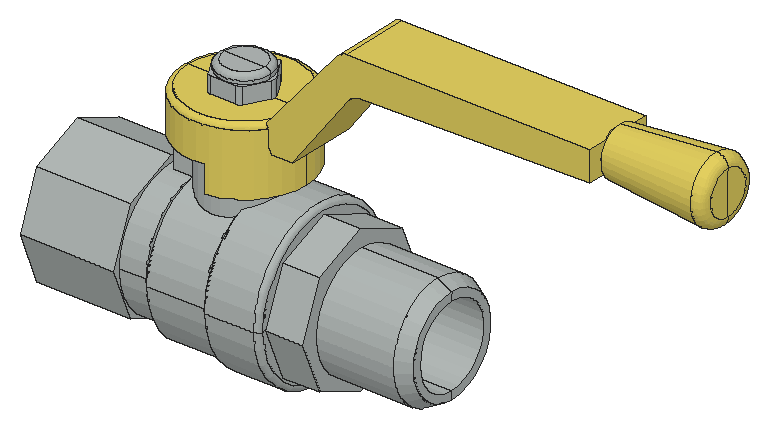
Revit family "QP00810000", category Apparecchi idraulici, Revit 2020
Family settings
  Quota connettore circolare = Usa diametro
  Tipo di parte = Normale
  Numero OmniClass = 23.45.00.00
  Titolo OmniClass = Sanitary, Laundry, and Cleaning Equipment
  Basato su piano di lavoro = No
  Sempre verticale = Sì
  Taglio con vuoti quando caricato = No
  Condiviso = No
  Punto di calcolo locali = No
Parameters
  URL = "https://web.cimberio.com/index.php/figura/165?subcategoria_id=95643"
  Temperatura di esercizio = "-20 ÷ 60°C"
  Prospetto di default = 0 mm
  Produttore = "CIMBERIO SPA"
  Pressione nominale = "MOP 5"
  Modello = "Cim 201/16G"
  Materiale = "Prodotto in lega di ottone conforme alla norma EN 12165-CW617N-DW"
  Descrizione = "Utilizzato nell’impiantistica distributiva di gas a bassa pressione per le categorie:\r\nGas naturali: gas derivati dal petrolio (Metano) e gas di ricambio.\r\nGas di città: prodotti secondo i diversi procedimenti (Cracking - Cokerie - ecc.).\r\nGas liquidi: propano e miscele di gas propano/butano"
  DN Model [instance] = QP00811015 : QP00811015
  DN [instance] = 15 mm
  Commenti sul tipo = "Realizzato in ottemperanza ai requisiti gestionali della norma EN ISO 9001.\r\nCollaudato al 100% secondo la normativa EN 12266-1"
Reference planes
  plane 1 "Centro (Fronte/Retro)": y = 0
  plane 2: z = 0
  plane 3 "Centro (Sinistra/Destra)": x = 0
Dimensions and locks
  aligned and locked: level to plane 2
Nested families
  nested 1: "QP00811015" at (0, 0, 0), type <- "DN Model", type "QP00811015"
  nested 2: "QP00811015" at (0, 0, 0), type <- "DN Model", type "QP00811015"
  nested 3: "QP00811015" at (0, 0, 0), type <- "DN Model", type "QP00811015"
  nested 4: "QP00811015" at (0, 0, 0), type <- "DN Model", type "QP00811015"
  nested 5: "QP00811015" at (0, 0, 0), type <- "DN Model", type "QP00811015"
  nested 6: "QP00811015" at (0, 0, 0), type <- "DN Model", type "QP00811015"
Connectors
  piping at (38.6, 0, 0), diameter 15, driven by "DN"
    settings: on nested 1, index 1, connector inside diameter 609.6 mm, connector length 0 mm, flow factor 0, pipe flow 0.0 L/s, pressure drop 0.0 Pa, fitting loss kfactor 0, connector angle 0.00°, fixture units 0, engagement length 0 mm, angle of deflection 0.00°, flow configuration 0, flow direction 0, fitting loss method 0, system type 7, joint type 0, gender type 0, connector reference index -1, connector utility 0, adjustable connector no, is connector primary yes, connector description ""
  piping at (-31, 0, 0), diameter 15, driven by "DN"
    settings: on nested 1, index 2, connector inside diameter 609.6 mm, connector length 0 mm, flow factor 0, pipe flow 0.0 L/s, pressure drop 0.0 Pa, fitting loss kfactor 0, connector angle 0.00°, fixture units 0, engagement length 0 mm, angle of deflection 0.00°, flow configuration 0, flow direction 0, fitting loss method 0, system type 7, joint type 0, gender type 0, connector reference index -1, connector utility 0, adjustable connector no, is connector primary no, connector description ""
Definition of nested family "QP00811015"
  Parameters (values of type "QP00811015")
    Default Elevation = 0 mm
  Reference planes
    plane 1 "Centro (Fronte/Retro)": y = 0
    plane 2: z = 0
    plane 3 "Centro (Sinistra/Destra)": x = 0
  Forms (mm)
    Revolve 1, solid
      sketch origin (0, 0, 0.033) x (0, 1, 0) y (-1, 0, 0)
        loop
          line (7.5, 13.5) -> (7.5, -14.6) -> (14, -14.6)
          arc (14, -14.6) -> (14.707, -14.307) -> (15, -13.6) r 1
          line (15, -13.6) -> (15, -4.6) -> (14.1, -3.7) -> (14.1, 6.9) -> (12.5, 8.5) -> (12.5, 13.5) -> (7.5, 13.5)
        axis (0, 13.5) -> (0, -14.6)
      angle from 0 to 360
    Revolve 2, solid
      sketch origin (8.603, 0, 0) x (1, 0, 0) y (0, 0, 1)
        loop
          line (27.426, 10.45) -> (12.981, 10.45) -> (12.981, 7.5) -> (29.997, 7.5) -> (29.997, 8.965) -> (27.426, 10.45)
        axis (29.997, 0) -> (12.981, 0)
      angle from 0 to 360
    Extrusion 3, solid
      sketch origin (-16, 0, 0) x (0, 0, 1) y (0, 1, 0)
        loop
          circle (0, 0) r 7.467
        loop
          line (13.5, 0) -> (9.546, 9.546) -> (0, 13.5) -> (-9.546, 9.546) -> (-13.5, 0) -> (-9.546, -9.546) -> (0, -13.5) -> (9.546, -9.546) -> (13.5, 0)
      from -2.5 to 15
    Extrusion 4, solid
      sketch origin (16, 0, 0) x (0, 0, 1) y (0, -1, 0)
        loop
          circle (0, 0) r 7.467
        loop
          line (13.5, 0) -> (9.546, 9.546) -> (0, 13.5) -> (-9.546, 9.546) -> (-13.5, 0) -> (-9.546, -9.546) -> (0, -13.5) -> (9.546, -9.546) -> (13.5, 0)
      from -1.4 to 5.584
    Revolve 5, solid
      sketch origin (0, 0, 0) x (1, 0, 0) y (0, 0, 1)
        loop
          line (0.073, 22.3) -> (-7, 22.3) -> (-7, 21) -> (-7.603, 20.397) -> (-7.603, 11.542) -> (0.073, 11.542) -> (0.073, 22.3)
        axis (0.073, 11.542) -> (0.073, 22.3)
      angle from 0 to 360
    Extrusion 6, solid
      sketch origin (0, 0, 0) x (1, 0, 0) y (0, 0, 1)
        loop
          line (-12, 21) -> (-12, 11.247) -> (-6.565, 11.247) -> (-6.565, 21) -> (-12, 21)
      from -1.5 to 1.5
    Revolve 7, solid
      sketch origin (0, 0, 0) x (1, 0, 0) y (0, 0, 1)
        loop
          line (0.001, 34.3) -> (0.001, 32.46) -> (4.75, 32.46) -> (4.75, 33.3)
          arc (4.75, 33.3) -> (4.457, 34.007) -> (3.751, 34.3) r 1
          line (3.751, 34.3) -> (0.001, 34.3)
        axis (0, 34.3) -> (0, 32.46)
      angle from 0 to 360
    Revolve 8, solid
      sketch origin (0, 0, 0) x (1, 0, 0) y (0, 0, 1)
        loop
          line (0, 29.8) -> (-10.5, 29.8)
          arc (-10.5, 29.8) -> (-11.207, 29.507) -> (-11.5, 28.8) r 1
          line (-11.5, 28.8) -> (-11.5, 17.288) -> (0, 17.288) -> (0, 29.8)
        axis (0, 29.8) -> (0, 17.288)
      angle from 0 to 360
    Extrusion 9, void
      sketch origin (0, 0, 50.316) x (0, 1, 0) y (-1, 0, 0)
        loop
          line (1.5, 7.302) -> (1.5, 13.521)
          arc (1.5, 13.521) -> (-9.655, 9.583) -> (-13.509, -1.6) r 13.603
          line (-13.509, -1.6) -> (-7.124, -1.6)
          arc (-7.124, -1.6) -> (-5.109, 5.076) -> (1.5, 7.302) r 7.603
      from -35.316 to -28.016
    Extrusion 10, solid
      sketch origin (0, 0, 50.316) x (0, 1, 0) y (-1, 0, 0)
        loop
          line (0.518, -5.473) -> (4.504, -3.172)
          arc (4.504, -3.172) -> (4.866, -2.81) -> (4.998, -2.315) r 0.989
          line (4.998, -2.315) -> (4.998, 2.303)
          arc (4.998, 2.303) -> (4.863, 2.807) -> (4.494, 3.177) r 1.009
          line (4.494, 3.177) -> (0.498, 5.484)
          arc (0.498, 5.484) -> (0, 5.617) -> (-0.498, 5.484) r 0.995
          line (-0.498, 5.484) -> (-4.517, 3.163)
          arc (-4.517, 3.163) -> (-4.869, 2.811) -> (-4.998, 2.329) r 0.963
          line (-4.998, 2.329) -> (-4.998, -2.293)
          arc (-4.998, -2.293) -> (-4.861, -2.807) -> (-4.485, -3.183) r 1.027
          line (-4.485, -3.183) -> (-0.518, -5.473)
          arc (-0.518, -5.473) -> (0, -5.612) -> (0.518, -5.473) r 1.037
      from -20.516 to -17.516
    Extrusion 11, solid
      sketch origin (0, 0, 0) x (1, 0, 0) y (0, 0, 1)
        loop
          line (8.289, 28.521) -> (10.254, 24.8) -> (14.168, 24.8) -> (24.699, 39.013)
          arc (24.699, 39.013) -> (25.386, 39.598) -> (26.261, 39.822) r 2
          line (26.261, 39.822) -> (69.405, 40.787) -> (69.405, 46.3) -> (24.117, 46.3)
          arc (24.117, 46.3) -> (23.271, 46.112) -> (22.584, 45.584) r 2
          line (22.584, 45.584) -> (8.289, 28.521)
      from -6.5 to 6.5
    Revolve 12, solid
      sketch origin (0, 0, 0) x (1, 0, 0) y (0, 0, 1)
        loop
          line (70, 48.05) -> (68.25, 46.3) -> (68.25, 43.543) -> (90, 43.543) -> (90, 47.605)
          arc (90, 47.605) -> (89.352, 49.079) -> (87.827, 49.597) r 2
          line (87.827, 49.597) -> (70, 48.05)
        axis (68.25, 43.543) -> (90, 43.543)
      angle from 0 to 360
  Cuts and joins
    Extrusion 9 cuts Revolve 8
  Lines and regions (mm)
    model lines
      curve 1: line (-7.603, 0, 16.13) -> (7.75, 0, 16.13)
  Dimensions and locks
    aligned and locked: level to plane 2
